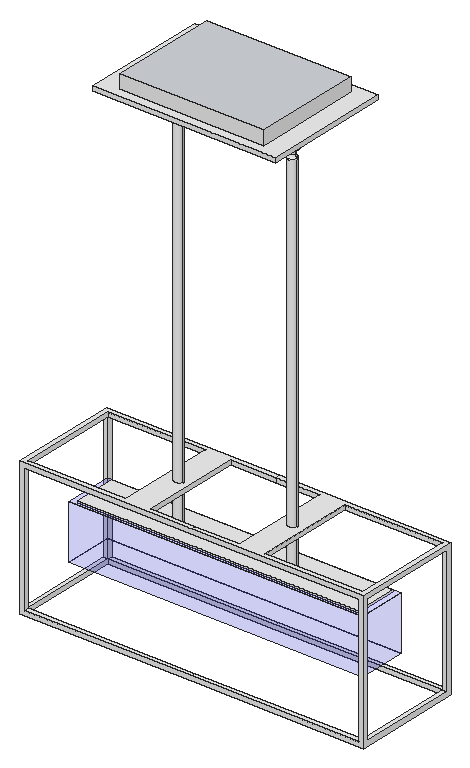
Revit family "Dazzle LED 36-inch Matte Black Island Light Ceiling Light", category Lighting Fixtures, host Ceiling, Revit 2020
Family settings
  Host = Ceiling
  Round Connector Dimension = Use Diameter
  Part Type = Normal
  OmniClass Number = 23.80.70.11
  OmniClass Title = Luminaries for Internal Lighting
  Always vertical = Yes
  Cut with Voids When Loaded = No
  Light Source = Yes
  Shared = No
  Room Calculation Point = No
Parameters
  Width = 0
  Wattage = 12.1178 W
  WarrantyPeriod = 0
  WarrantyGuarantorParts = ""
  WarrantyGuarantorLabor = ""
  WarrantyDurationParts = 0
  WarrantyDurationLabor = 0
  WarrantyDescription = ""
  WarrantyContent = ""
  built-in parameter 1150110 = 1 (stored number, unit not read)
  VisibleLightTransmittance = ""
  built-in parameter 1114217 = 1 (stored number, unit not read)
  built-in parameter 1150109 = 1 (stored number, unit not read)
  built-in parameter 1150134 = (empty or 0)
  built-in parameter 1150113 = 1 (stored number, unit not read)
  Size = ""
  Shape = ""
  ReplacementCost = 0
  Reference = ""
  Overall Lamp Height = 4' - 9"
  NominalWidth = 0
  NominalLength = 0
  NominalHeight = 0
  ModelReference = ""
  ModelLabel = ""
  MaterialFrame = ""
  Material = ""
  Lumens = 1800 lm
  built-in parameter 1150115 = 1 (stored number, unit not read)
  built-in parameter 1150105 = 143.24 (stored number, unit not read)
  Light Source Symbol Size = 2' - 0"
  built-in parameter 1150137 = (empty or 0)
  built-in parameter 1150139 = (empty or 0)
  Lamp Width = 3' - 1 3/4"
  built-in parameter 1150112 = 1 (stored number, unit not read)
  built-in parameter 1150114 = 1 (stored number, unit not read)
  IsExtendedWarranty = 0
  built-in parameter 1150132 = 2
  built-in parameter 1150102 = (empty or 0)
  built-in parameter 1150138 = (empty or 0)
  built-in parameter 1150107 = 3000 (stored number, unit not read)
  built-in parameter 1150106 = 1.4324 (stored number, unit not read)
  Height = 0
  GlobalTradeItemNumber = ""
  Finish = ""
  Features = ""
  ExpectedLife = ""
  built-in parameter 1150104 = 13.8 (stored number, unit not read)
  DurabilityRating = ""
  Dimming Lamp Color Temperature Shift = <None>
  Default Elevation = 0' - 0"
  CreatedBy = ""
  ConstructionMethod = ""
  Color Filter = 16777215
  Color = ""
  CodePerformance = ""
  CoatingFrame = ""
  BatchReference = ""
  BarCode = 0
  built-in parameter 1114218 = 1 (stored number, unit not read)
  built-in parameter 1150133 = 10 (stored number, unit not read)
  AssemblyPlace = ""
  ArticleNumber = ""
  Area = 0
  AccessibilityPerformance = ""
Reference planes (in)
  plane 1 "Light Source Axis (F/B)": y = 0
  plane 2 "Ceiling": z = 96
  plane 3 "Light Source Axis (L/R)": x = 0
  plane 4 "Light Source Elevation": z = 46.5
  plane 5: z = 54
  plane 6: z = 39
  plane 7: z = 49.75
  plane 8: x = -18.875
  plane 9: x = 18.875
Forms (in)
  Extrusion 1, solid
    sketch origin (-5.79197, 4.99165, 0) x (1, 0, 0) y (0, 0, 1)
      loop
        line (15.83394, 94) -> (15.83394, 94.5) -> (-4.25, 94.5) -> (-4.25, 94) -> (15.83394, 94)
    from -2.0167 to 12
  Revolve 2, solid
    sketch origin (-6.25, 0, 0) x (1, 0, 0) y (0, 0, 1)
      loop
        line (-0.83702, 94) -> (-0.83702, 91.23509)
        arc (-0.83702, 91.23509) -> (-0.46246, 91.02113) -> (-0.335, 90.60903) r 0.58749
        line (-0.335, 90.60903) -> (0, 90.60903) -> (0, 94) -> (-0.83702, 94)
      axis (0, 94) -> (0, 90.60903)
    angle from 0 to 360
  Revolve 3, solid
    sketch origin (-6.25, 0, 0) x (1, 0, 0) y (0, 0, 1)
      loop
        line (-0.5, 90.15248) -> (-0.5, 49.75) -> (0, 49.75) -> (0, 90.60903) -> (-0.335, 90.60903)
        arc (-0.335, 90.60903) -> (-0.36778, 90.36279) -> (-0.5, 90.15248) r 0.58365
      axis (0, 90.60903) -> (0, 49.75)
    angle from 0 to 360
  Extrusion 4, solid
    sketch origin (-5.29218, 6, 0) x (1, 0, 0) y (0, 0, 1)
      loop
        line (-2.60007, 94.5) -> (13.18443, 94.5) -> (13.18443, 96) -> (-2.60007, 96) -> (-2.60007, 94.5)
    from 0 to 12
  Extrusion 5, solid
    sketch origin (6.31964, 9.32636, 3) x (1, 0, 0) y (0, 0, 1)
      loop
        line (-22.42618, 40.5) -> (9.78691, 40.5) -> (9.78691, 46.5) -> (-22.42618, 46.5) -> (-22.42618, 40.5)
    from 6.65272 to 12
  Extrusion 6, solid
    sketch origin (0, 6, 2.5) x (1, 0, 0) y (0, 0, 1)
      loop
        line (-18.875, 36.5) -> (0, 36.5) -> (18.875, 36.5) -> (18.875, 51.5) -> (0, 51.5) -> (-18.875, 51.5) -> (-18.875, 36.5)
      loop
        line (-18.375, 51) -> (-18.375, 37) -> (0, 37) -> (18.375, 37) -> (18.375, 51) -> (0, 51) -> (-18.375, 51)
    from 0 to 12
  Extrusion 7, void
    sketch origin (0, 0, 2.5) x (0, 1, 0) y (0, 0, 1)
      loop
        line (5.5, 37) -> (5.5, 51) -> (-5.5, 51) -> (-5.5, 37) -> (5.5, 37)
    from 18.375 to 18.875
  Extrusion 8, void
    sketch origin (0, 0, 2.5) x (0, 1, 0) y (0, 0, -1)
      loop
        line (5.5, -37) -> (-5.5, -37) -> (-5.5, -51) -> (5.5, -51) -> (5.5, -37)
    from 18.375 to 18.875
  Extrusion 9, void
    sketch origin (2.375, 6, 54) x (0, 1, 0) y (1, 0, 0)
      loop
        line (-11.5, -20.75) -> (-0.5, -20.75) -> (-0.5, 16) -> (-11.5, 16) -> (-11.5, -20.75)
    from 14.5 to 15
  Extrusion 10, void
    sketch origin (2.375, 6, 54) x (0, 1, 0) y (1, 0, 0)
      loop
        line (-0.5, -20.75) -> (-0.5, -9.97685) -> (-11.5, -9.97685) -> (-11.5, -20.75) -> (-0.5, -20.75)
      loop
        line (-0.5, -7.27315) -> (-0.5, -2.375) -> (-0.5, 2.52315) -> (-11.5, 2.52315) -> (-11.5, -2.375) -> (-11.5, -7.27315) -> (-0.5, -7.27315)
      loop
        line (-0.5, 16) -> (-11.5, 16) -> (-11.5, 5.22685) -> (-0.5, 5.22685) -> (-0.5, 16)
    from 0 to 0.5
  Extrusion 11, solid
    sketch origin (-32.75, 0, 2.5) x (1, 0, 0) y (0, 0, 1)
      loop
        line (17.30598, 47) -> (48.19402, 47) -> (48.19402, 47.25) -> (17.30598, 47.25) -> (17.30598, 47)
    from -2.37095 to 2.33013
  Revolve 12, solid
    sketch origin (6.25, 0, 0) x (-1, 0, 0) y (0, 0, 1)
      loop
        line (-0.83702, 94) -> (-0.83702, 91.23509)
        arc (-0.83702, 91.23509) -> (-0.46246, 91.02113) -> (-0.335, 90.60903) r 0.58749
        line (-0.335, 90.60903) -> (0, 90.60903) -> (0, 94) -> (-0.83702, 94)
      axis (0, 94) -> (0, 90.60903)
    angle from 0 to 360
  Revolve 13, solid
    sketch origin (6.25, 0, 0) x (-1, 0, 0) y (0, 0, 1)
      loop
        line (-0.5, 90.15248) -> (-0.5, 49.75) -> (0, 49.75) -> (0, 90.60903) -> (-0.335, 90.60903)
        arc (-0.335, 90.60903) -> (-0.36778, 90.36279) -> (-0.5, 90.15248) r 0.58365
      axis (0, 90.60903) -> (0, 49.75)
    angle from 0 to 360
  Extrusion 14, void
    sketch origin (-2.375, 6, 54) x (0, -1, 0) y (-1, 0, 0)
      loop
        line (11.5, -20.75) -> (11.5, 16) -> (0.5, 16) -> (0.5, -20.75) -> (11.5, -20.75)
    from 14.5 to 15
Cuts and joins
  Extrusion 7, Extrusion 9 cuts Revolve 3
  Extrusion 7, Extrusion 9, Extrusion 10 cuts Extrusion 5
  Extrusion 7, Extrusion 8, Extrusion 9, Extrusion 10, Extrusion 14 cuts Extrusion 6
Text (in)
  text "0 Tilt Angle" at (-58.35608, 9.29162, 84), in view "Ref. Level"
  text "180 Tilt Angle" at (25.71096, 9.29162, 84), in view "Ref. Level"
Dimensions and locks (in)
  equal spacing: host sketch curve, plane 3 "Light Source Axis (L/R)", host sketch curve
  equal spacing: host sketch curve, plane 1 "Light Source Axis (F/B)", host sketch curve
  host sketch curve to host sketch curve = 10' - 0"  (x2)
  "Overall Lamp Height": plane 2 "Ceiling" to plane 6
  locked: plane 5 to plane 6 at 15
  locked: plane 5 to plane 7 at 4.25
  locked: cut or joined group of Extrusion 5, Extrusion 7, Extrusion 9, Extrusion 10 to cut or joined group of Extrusion 5, Extrusion 7, Extrusion 9, Extrusion 10 at 6
  locked: plane 4 "Light Source Elevation" to plane 6 at 7.5
  "Lamp Width": plane 8 to plane 9
  equal spacing: plane 8, plane 3 "Light Source Axis (L/R)", plane 9, locked at 18.875 each
  aligned and locked: plane 3 "Light Source Axis (L/R)" to imposter light
  aligned and locked: plane 1 "Light Source Axis (F/B)" to imposter light
  aligned and locked: plane 4 "Light Source Elevation" to imposter light
  aligned and locked: Revolve 13 to plane 7
  aligned and locked: plane 7 to cut or joined group of Revolve 3, Extrusion 7, Extrusion 9
  aligned and locked: Extrusion 11 to cut or joined group of Revolve 3, Extrusion 7, Extrusion 9
  aligned and locked: Extrusion 11 to cut or joined group of Extrusion 5, Extrusion 7, Extrusion 9, Extrusion 10
  aligned and locked: plane 8 to cut or joined group of Extrusion 6, Extrusion 7, Extrusion 8, Extrusion 9, Extrusion 10, Extrusion 14
  aligned and locked: plane 9 to cut or joined group of Extrusion 6, Extrusion 7, Extrusion 8, Extrusion 9, Extrusion 10, Extrusion 14
Automatic sketch dimensions
  Extrusion 1 sketch curve to plane 2 "Ceiling" = 0' - 2"
  Extrusion 1 sketch curve to plane 3 "Light Source Axis (L/R)" = 0' - 10.04197"
  plane 3 "Light Source Axis (L/R)" to Extrusion 1 sketch curve = 0' - 10.04197"
  Extrusion 1 sketch curve to Extrusion 1 sketch curve = 0' - 0 1/2"
  Revolve 2 sketch curve to plane 3 "Light Source Axis (L/R)" = 0' - 7.1708"
  Revolve 2 sketch curve to Revolve 2 sketch curve = 0' - 0.08378"
  Revolve 2 sketch curve to Revolve 2 sketch curve = 0' - 0.58579"
  Revolve 2 sketch curve to Revolve 2 sketch curve = 0' - 0.83702"
  Revolve 2 sketch curve to plane 2 "Ceiling" = 0' - 5.39097"
  Revolve 2 sketch curve to Revolve 2 sketch curve = 0' - 0.04457"
  Revolve 2 sketch curve to plane 2 "Ceiling" = 0' - 2"
  Revolve 2 sketch curve to Revolve 2 sketch curve = 0' - 0"  (x3)
  Revolve 3 sketch curve to plane 3 "Light Source Axis (L/R)" = 0' - 7.16668"
  Revolve 3 sketch curve to plane 4 "Light Source Elevation" = 0' - 3 1/4"
  Revolve 3 sketch curve to plane 3 "Light Source Axis (L/R)" = 0' - 6 3/4"
  Revolve 3 sketch curve to Revolve 3 sketch curve = 0' - 0.165"
  Revolve 3 sketch curve to Revolve 3 sketch curve = 0' - 0 1/2"
  Revolve 3 sketch curve to plane 2 "Ceiling" = 0' - 5.84752"
  Revolve 3 sketch curve to Revolve 3 sketch curve = 0' - 0.40868"
  Revolve 3 sketch curve to plane 3 "Light Source Axis (L/R)" = 0' - 6 1/4"
  Revolve 3 sketch curve to level = 2' - 0"
  plane 2 "Ceiling" to Revolve 3 sketch curve = 1' - 0.77302"
  Extrusion 4 sketch curve to plane 2 "Ceiling" = 0' - 0"
  Extrusion 4 sketch curve to plane 3 "Light Source Axis (L/R)" = 0' - 7.89225"
  plane 3 "Light Source Axis (L/R)" to Extrusion 4 sketch curve = 0' - 7.89225"
  Extrusion 4 sketch curve to plane 2 "Ceiling" = 0' - 1 1/2"
  Extrusion 5 sketch curve to plane 4 "Light Source Elevation" = 0' - 3"
  Extrusion 5 sketch curve to plane 3 "Light Source Axis (L/R)" = 1' - 4.10655"
  plane 3 "Light Source Axis (L/R)" to Extrusion 5 sketch curve = 1' - 4.10655"
  plane 4 "Light Source Elevation" to Extrusion 5 sketch curve = 0' - 3"
  Extrusion 6 sketch curve to plane 5 = 0' - 0"
  Extrusion 6 sketch curve to plane 6 = 0' - 0"
  Extrusion 6 sketch curve to plane 3 "Light Source Axis (L/R)" = 0' - 0"  (x4)
  Extrusion 6 sketch curve to plane 6 = 0' - 0 1/2"
  Extrusion 6 sketch curve to Extrusion 6 sketch curve = 1' - 6 3/8"  (x2)
  Extrusion 6 sketch curve to Extrusion 6 sketch curve = 0' - 0 1/2"  (x2)
  Extrusion 6 sketch curve to plane 5 = 0' - 0 1/2"
  Extrusion 7 sketch curve to plane 6 = 0' - 0 1/2"
  plane 1 "Light Source Axis (F/B)" to Extrusion 7 sketch curve = 0' - 5 1/2"
  Extrusion 7 sketch curve to plane 5 = 0' - 0 1/2"
  Extrusion 7 sketch curve to plane 1 "Light Source Axis (F/B)" = 0' - 5 1/2"
  Extrusion 8 sketch curve to plane 6 = 0' - 0 1/2"
  plane 1 "Light Source Axis (F/B)" to Extrusion 8 sketch curve = 0' - 5 1/2"
  Extrusion 8 sketch curve to plane 5 = 0' - 0 1/2"
  Extrusion 8 sketch curve to plane 1 "Light Source Axis (F/B)" = 0' - 5 1/2"
  Extrusion 6 to Extrusion 9 sketch curve = 0' - 0 1/2"  (x3)
  Extrusion 6 to Extrusion 9 sketch curve = 1' - 6 3/8"
  Extrusion 10 sketch curve to Extrusion 6 = 0' - 0"  (x2)
  Extrusion 6 to Extrusion 10 sketch curve = 0' - 0 1/2"  (x7)
  Extrusion 6 to Extrusion 10 sketch curve = 0' - 4.89815"
  Extrusion 10 sketch curve to Extrusion 10 sketch curve = 0' - 2.7037"  (x2)
  Extrusion 10 sketch curve to Extrusion 10 sketch curve = 0' - 10.77315"
  Extrusion 10 sketch curve to Extrusion 10 sketch curve = 0' - 4.89815"
  Extrusion 11 sketch curve to plane 4 "Light Source Elevation" = 0' - 3 1/4"
  Extrusion 11 sketch curve to plane 3 "Light Source Axis (L/R)" = 1' - 3.44402"
  plane 3 "Light Source Axis (L/R)" to Extrusion 11 sketch curve = 1' - 3.44402"
  Extrusion 11 sketch curve to Extrusion 11 sketch curve = 0' - 0 1/4"
  Revolve 12 sketch curve to plane 3 "Light Source Axis (L/R)" = 0' - 7.1708"
  Revolve 12 sketch curve to Revolve 12 sketch curve = 0' - 0.08378"
  Revolve 12 sketch curve to Revolve 12 sketch curve = 0' - 0.58579"
  Revolve 12 sketch curve to Revolve 12 sketch curve = 0' - 0.83702"
  plane 2 "Ceiling" to Revolve 12 sketch curve = 0' - 5.39097"
  Revolve 12 sketch curve to Revolve 12 sketch curve = 0' - 0.04457"
  plane 2 "Ceiling" to Revolve 12 sketch curve = 0' - 2"
  Revolve 12 sketch curve to Revolve 12 sketch curve = 0' - 0"  (x3)
  Revolve 13 sketch curve to plane 3 "Light Source Axis (L/R)" = 0' - 7.16668"
  plane 4 "Light Source Elevation" to Revolve 13 sketch curve = 0' - 3 1/4"
  Revolve 13 sketch curve to plane 3 "Light Source Axis (L/R)" = 0' - 6 3/4"
  Revolve 13 sketch curve to Revolve 13 sketch curve = 0' - 0.165"
  Revolve 13 sketch curve to Revolve 13 sketch curve = 0' - 0 1/2"
  plane 2 "Ceiling" to Revolve 13 sketch curve = 0' - 5.84752"
  Revolve 13 sketch curve to Revolve 13 sketch curve = 0' - 0.40868"
  Revolve 13 sketch curve to plane 3 "Light Source Axis (L/R)" = 0' - 6 1/4"
  level to Revolve 13 sketch curve = 2' - 0"
  Revolve 13 sketch curve to plane 2 "Ceiling" = 1' - 0.77302"
  Extrusion 6 to Extrusion 14 sketch curve = 0' - 0 1/2"  (x3)
  Extrusion 6 to Extrusion 14 sketch curve = 1' - 6 3/8"
